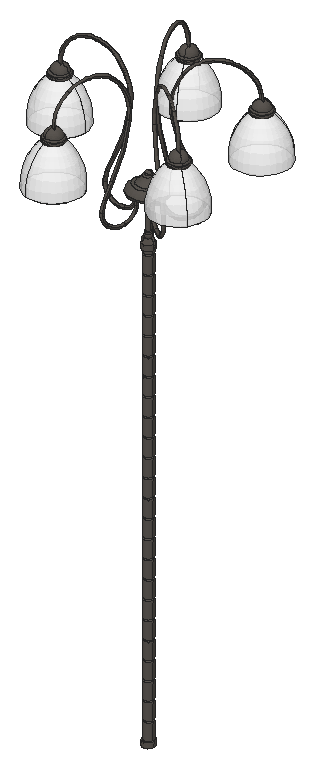
Revit family "P4666-20 5-100W MED CHANDELIER", category Lighting Fixtures, host Face, Revit 2012
Parameters (values of type "P4666-20 5-100W MED CHANDELIER")
  Wattage Comments = "100. W"  # constant formula
  URL = "https://progresslighting.com/"
  Product Page URL = "http://www.progresslighting.com/products.aspx?product=P4666-20"
  Product Documentation Link = "http://www.progresslighting.com/SpecSheets/P4666.pdf"
  Mounting = "Ceiling Chain Mount"  # constant formula
  Model = "P4666-20"  # constant formula
  Manufacturer Phone = "(864)-678-1000"  # constant formula
  Manufacturer Fax = "(864)-678-1065"  # constant formula
  Manufacturer = "Progresslighting"  # constant formula
  Lamp = "Five"  # constant formula
  Glass = Etched Shade Glass
  Description = " Five-light chandelier"  # constant formula
  Default Elevation = 48.00"
  Chain Length = 50.00"
  Ceiling Chain = Antique Bronze
  Back Plate = Antique Bronze
Reference planes (in)
  plane 1 "Center (Front/Back)": y = 0
  plane 2: z = 0
  plane 3 "Center (Left/Right)": x = 0
  plane 4: x = -12.625
  plane 5: x = 12.625
  plane 6: z = 50
  plane 7: z = 45.07258
Forms (in)
  Revolve 1, solid, material "Antique Bronze" <- "Back Plate"
    sketch origin (-0.01718, 0, 111.88263) x (-1, 0, 0) y (0, 0, -1)
      loop
        arc (0.30382, 61.35756) -> (0.3449, 61.65571) -> (0.1472, 61.88263) r 0.3635
        line (0.1472, 61.88263) -> (-0.01718, 61.88263) -> (-0.01718, 55.27745)
        arc (-0.01718, 55.27745) -> (0.17252, 55.31466) -> (0.27492, 55.47863) r 0.2428
        arc (0.27492, 55.47863) -> (0.29999, 55.54235) -> (0.28846, 55.60986) r 0.12741
        arc (0.28846, 55.60986) -> (0.39528, 55.63291) -> (0.46809, 55.7144) r 0.17662
        arc (0.46809, 55.7144) -> (0.74745, 56.13825) -> (1.15099, 56.44621) r 1.51712
        line (1.15099, 56.44621) -> (1.47114, 56.55069)
        arc (1.47114, 56.55069) -> (1.87709, 56.8239) -> (2.07863, 57.26978) r 0.89482
        arc (2.07863, 57.26978) -> (2.07201, 57.29263) -> (2.05039, 57.30254) r 0.02855
        line (2.05039, 57.30254) -> (0.23282, 57.30254) -> (0.23282, 57.71644)
        arc (0.23282, 57.71644) -> (0.28518, 57.74714) -> (0.23282, 57.77784) r 0.03518
        line (0.23282, 57.77784) -> (0.23282, 61.07089)
        arc (0.23282, 61.07089) -> (0.27254, 61.11476) -> (0.28758, 61.172) r 0.1248
        arc (0.28758, 61.172) -> (0.31285, 61.26328) -> (0.30382, 61.35756) r 0.26049
      axis (-0.01718, 61.88263) -> (-0.01718, 55.27745)
    angle from 0 to 360
  Sweep 2, solid, material "Antique Bronze" <- "Back Plate"
    path origin (-0.01718, 0, 111.88263) x (-1, 0, 0) y (0, 0, -1)
      loop
        circle (-0.01718, 62.31065) r 0.68282
    profile origin (0, 0, 48.88916) x (0, 0, 1) y (0, -1, 0)
      loop
        circle (0, 0) r 0.08
  Sweep 3, solid, material "Antique Bronze" <- "Back Plate"
    path origin (-0.01718, 0, 111.88263) x (-1, 0, 0) y (0, 0, -1)
      loop
        line (1.25, 57.11521) -> (1.25, 58.23562)
        arc (1.25, 58.23562) -> (1.59433, 59.23562) -> (2.48132, 59.81164) r 1.62427
        arc (2.48132, 59.81164) -> (3.45131, 59.80318) -> (4.29557, 59.32552) r 1.9371
        arc (4.29557, 59.32552) -> (4.70999, 58.675) -> (4.78392, 57.90724) r 1.65202
        arc (4.78392, 57.90724) -> (4.66211, 57.30853) -> (4.46825, 56.72913) r 5.004
        arc (4.46825, 56.72913) -> (4.11922, 55.92643) -> (3.72866, 55.14309) r 16.71891
        arc (3.72866, 55.14309) -> (2.59353, 52.44022) -> (1.96684, 49.57642) r 16.11462
        arc (1.96684, 49.57642) -> (2.11969, 47.51284) -> (3.05775, 45.66845) r 5.25219
        arc (3.05775, 45.66845) -> (5.52818, 44.28883) -> (8.25059, 45.06015) r 3.697
        arc (8.25059, 45.06015) -> (9.39067, 46.50891) -> (9.75, 48.3171) r 3.95416
    profile origin (-1.26718, 0, 54.20721) x (0, -1, 0) y (1, 0, 0)
      loop
        circle (0, 0) r 0.14
  Sweep 4, solid, material "Antique Bronze" <- "Back Plate"
    path origin (-0.00531, -0.01634, 111.88263) x (-0.309017, -0.951057, 0) y (0, 0, -1)
      loop
        line (1.25, 57.11521) -> (1.25, 58.23562)
        arc (1.25, 58.23562) -> (1.59433, 59.23562) -> (2.48132, 59.81164) r 1.62427
        arc (2.48132, 59.81164) -> (3.45131, 59.80318) -> (4.29557, 59.32552) r 1.9371
        arc (4.29557, 59.32552) -> (4.70999, 58.675) -> (4.78392, 57.90724) r 1.65202
        arc (4.78392, 57.90724) -> (4.66211, 57.30853) -> (4.46825, 56.72913) r 5.004
        arc (4.46825, 56.72913) -> (4.11922, 55.92643) -> (3.72866, 55.14309) r 16.71891
        arc (3.72866, 55.14309) -> (2.59353, 52.44022) -> (1.96684, 49.57642) r 16.11462
        arc (1.96684, 49.57642) -> (2.11969, 47.51284) -> (3.05775, 45.66845) r 5.25219
        arc (3.05775, 45.66845) -> (5.52818, 44.28883) -> (8.25059, 45.06015) r 3.697
        arc (8.25059, 45.06015) -> (9.39067, 46.50891) -> (9.75, 48.3171) r 3.95416
    profile origin (-0.39158, -1.20516, 54.20721) x (0.951057, -0.309017, 0) y (0.309017, 0.951057, 0)
      loop
        circle (0, 0) r 0.14
  Sweep 5, solid, material "Antique Bronze" <- "Back Plate"
    path origin (0.0139, -0.0101, 111.88263) x (0.809017, -0.587785, 0) y (0, 0, -1)
      loop
        line (1.25, 57.11521) -> (1.25, 58.23562)
        arc (1.25, 58.23562) -> (1.59433, 59.23562) -> (2.48132, 59.81164) r 1.62427
        arc (2.48132, 59.81164) -> (3.45131, 59.80318) -> (4.29557, 59.32552) r 1.9371
        arc (4.29557, 59.32552) -> (4.70999, 58.675) -> (4.78392, 57.90724) r 1.65202
        arc (4.78392, 57.90724) -> (4.66211, 57.30853) -> (4.46825, 56.72913) r 5.004
        arc (4.46825, 56.72913) -> (4.11922, 55.92643) -> (3.72866, 55.14309) r 16.71891
        arc (3.72866, 55.14309) -> (2.59353, 52.44022) -> (1.96684, 49.57642) r 16.11462
        arc (1.96684, 49.57642) -> (2.11969, 47.51284) -> (3.05775, 45.66845) r 5.25219
        arc (3.05775, 45.66845) -> (5.52818, 44.28883) -> (8.25059, 45.06015) r 3.697
        arc (8.25059, 45.06015) -> (9.39067, 46.50891) -> (9.75, 48.3171) r 3.95416
    profile origin (1.02517, -0.74483, 54.20721) x (0.587785, 0.809017, 0) y (-0.809017, 0.587785, 0)
      loop
        circle (0, 0) r 0.14
  Sweep 6, solid, material "Antique Bronze" <- "Back Plate"
    path origin (0.0139, 0.0101, 111.88263) x (0.809017, 0.587785, 0) y (0, 0, -1)
      loop
        line (1.25, 57.11521) -> (1.25, 58.23562)
        arc (1.25, 58.23562) -> (1.59433, 59.23562) -> (2.48132, 59.81164) r 1.62427
        arc (2.48132, 59.81164) -> (3.45131, 59.80318) -> (4.29557, 59.32552) r 1.9371
        arc (4.29557, 59.32552) -> (4.70999, 58.675) -> (4.78392, 57.90724) r 1.65202
        arc (4.78392, 57.90724) -> (4.66211, 57.30853) -> (4.46825, 56.72913) r 5.004
        arc (4.46825, 56.72913) -> (4.11922, 55.92643) -> (3.72866, 55.14309) r 16.71891
        arc (3.72866, 55.14309) -> (2.59353, 52.44022) -> (1.96684, 49.57642) r 16.11462
        arc (1.96684, 49.57642) -> (2.11969, 47.51284) -> (3.05775, 45.66845) r 5.25219
        arc (3.05775, 45.66845) -> (5.52818, 44.28883) -> (8.25059, 45.06015) r 3.697
        arc (8.25059, 45.06015) -> (9.39067, 46.50891) -> (9.75, 48.3171) r 3.95416
    profile origin (1.02517, 0.74483, 54.20721) x (-0.587785, 0.809017, 0) y (-0.809017, -0.587785, 0)
      loop
        circle (0, 0) r 0.14
  Sweep 7, solid, material "Antique Bronze" <- "Back Plate"
    path origin (-0.00531, 0.01634, 111.88263) x (-0.309017, 0.951057, 0) y (0, 0, -1)
      loop
        line (1.25, 57.11521) -> (1.25, 58.23562)
        arc (1.25, 58.23562) -> (1.59433, 59.23562) -> (2.48132, 59.81164) r 1.62427
        arc (2.48132, 59.81164) -> (3.45131, 59.80318) -> (4.29557, 59.32552) r 1.9371
        arc (4.29557, 59.32552) -> (4.70999, 58.675) -> (4.78392, 57.90724) r 1.65202
        arc (4.78392, 57.90724) -> (4.66211, 57.30853) -> (4.46825, 56.72913) r 5.004
        arc (4.46825, 56.72913) -> (4.11922, 55.92643) -> (3.72866, 55.14309) r 16.71891
        arc (3.72866, 55.14309) -> (2.59353, 52.44022) -> (1.96684, 49.57642) r 16.11462
        arc (1.96684, 49.57642) -> (2.11969, 47.51284) -> (3.05775, 45.66845) r 5.25219
        arc (3.05775, 45.66845) -> (5.52818, 44.28883) -> (8.25059, 45.06015) r 3.697
        arc (8.25059, 45.06015) -> (9.39067, 46.50891) -> (9.75, 48.3171) r 3.95416
    profile origin (-0.39158, 1.20516, 54.20721) x (-0.951057, -0.309017, 0) y (0.309017, -0.951057, 0)
      loop
        circle (0, 0) r 0.14
  Revolve 8, solid, material "Antique Bronze" <- "Back Plate", not visible
    sketch origin (-0.01718, 0, 106.95521) x (-1, 0, 0) y (0, 0, -1)
      loop
        arc (0.30382, 61.35756) -> (0.3449, 61.65571) -> (0.1472, 61.88263) r 0.3635
        line (0.1472, 61.88263) -> (-0.01718, 61.88263) -> (-0.01718, 55.27745)
        arc (-0.01718, 55.27745) -> (0.17252, 55.31466) -> (0.27492, 55.47863) r 0.2428
        arc (0.27492, 55.47863) -> (0.29999, 55.54235) -> (0.28846, 55.60986) r 0.12741
        arc (0.28846, 55.60986) -> (0.39528, 55.63291) -> (0.46809, 55.7144) r 0.17662
        arc (0.46809, 55.7144) -> (0.74745, 56.13825) -> (1.15099, 56.44621) r 1.51712
        line (1.15099, 56.44621) -> (1.47114, 56.55069)
        arc (1.47114, 56.55069) -> (1.87709, 56.8239) -> (2.07863, 57.26978) r 0.89482
        arc (2.07863, 57.26978) -> (2.07201, 57.29263) -> (2.05039, 57.30254) r 0.02855
        line (2.05039, 57.30254) -> (0.23282, 57.30254) -> (0.23282, 57.71644)
        arc (0.23282, 57.71644) -> (0.28518, 57.74714) -> (0.23282, 57.77784) r 0.03518
        line (0.23282, 57.77784) -> (0.23282, 61.07089)
        arc (0.23282, 61.07089) -> (0.27254, 61.11476) -> (0.28758, 61.172) r 0.1248
        arc (0.28758, 61.172) -> (0.31285, 61.26328) -> (0.30382, 61.35756) r 0.26049
      axis (-0.01718, 61.88263) -> (-0.01718, 55.27745)
    angle from 0 to 360
  Sweep 9, solid, material "Antique Bronze" <- "Back Plate", not visible
    path origin (-0.01718, 0, 106.95521) x (-1, 0, 0) y (0, 0, -1)
      loop
        circle (-0.01718, 62.31065) r 0.68282
    profile origin (0, 0, 43.96174) x (0, 0, 1) y (0, -1, 0)
      loop
        circle (0, 0) r 0.08
  Sweep 10, solid, material "Antique Bronze" <- "Back Plate", not visible
    path origin (-0.01718, 0, 106.95521) x (-1, 0, 0) y (0, 0, -1)
      loop
        line (1.25, 57.11521) -> (1.25, 58.23562)
        arc (1.25, 58.23562) -> (1.59433, 59.23562) -> (2.48132, 59.81164) r 1.62427
        arc (2.48132, 59.81164) -> (3.45131, 59.80318) -> (4.29557, 59.32552) r 1.9371
        arc (4.29557, 59.32552) -> (4.70999, 58.675) -> (4.78392, 57.90724) r 1.65202
        arc (4.78392, 57.90724) -> (4.66211, 57.30853) -> (4.46825, 56.72913) r 5.004
        arc (4.46825, 56.72913) -> (4.11922, 55.92643) -> (3.72866, 55.14309) r 16.71891
        arc (3.72866, 55.14309) -> (2.59353, 52.44022) -> (1.96684, 49.57642) r 16.11462
        arc (1.96684, 49.57642) -> (2.11969, 47.51284) -> (3.05775, 45.66845) r 5.25219
        arc (3.05775, 45.66845) -> (5.52818, 44.28883) -> (8.25059, 45.06015) r 3.697
        arc (8.25059, 45.06015) -> (9.39067, 46.50891) -> (9.75, 48.3171) r 3.95416
    profile origin (-1.26718, 0, 49.27979) x (0, -1, 0) y (1, 0, 0)
      loop
        circle (0, 0) r 0.14
  Sweep 11, solid, material "Antique Bronze" <- "Back Plate", not visible
    path origin (-0.00531, -0.01634, 106.95521) x (-0.309017, -0.951057, 0) y (0, 0, -1)
      loop
        line (1.25, 57.11521) -> (1.25, 58.23562)
        arc (1.25, 58.23562) -> (1.59433, 59.23562) -> (2.48132, 59.81164) r 1.62427
        arc (2.48132, 59.81164) -> (3.45131, 59.80318) -> (4.29557, 59.32552) r 1.9371
        arc (4.29557, 59.32552) -> (4.70999, 58.675) -> (4.78392, 57.90724) r 1.65202
        arc (4.78392, 57.90724) -> (4.66211, 57.30853) -> (4.46825, 56.72913) r 5.004
        arc (4.46825, 56.72913) -> (4.11922, 55.92643) -> (3.72866, 55.14309) r 16.71891
        arc (3.72866, 55.14309) -> (2.59353, 52.44022) -> (1.96684, 49.57642) r 16.11462
        arc (1.96684, 49.57642) -> (2.11969, 47.51284) -> (3.05775, 45.66845) r 5.25219
        arc (3.05775, 45.66845) -> (5.52818, 44.28883) -> (8.25059, 45.06015) r 3.697
        arc (8.25059, 45.06015) -> (9.39067, 46.50891) -> (9.75, 48.3171) r 3.95416
    profile origin (-0.39158, -1.20516, 49.27979) x (0.951057, -0.309017, 0) y (0.309017, 0.951057, 0)
      loop
        circle (0, 0) r 0.14
  Sweep 12, solid, material "Antique Bronze" <- "Back Plate", not visible
    path origin (0.0139, -0.0101, 106.95521) x (0.809017, -0.587785, 0) y (0, 0, -1)
      loop
        line (1.25, 57.11521) -> (1.25, 58.23562)
        arc (1.25, 58.23562) -> (1.59433, 59.23562) -> (2.48132, 59.81164) r 1.62427
        arc (2.48132, 59.81164) -> (3.45131, 59.80318) -> (4.29557, 59.32552) r 1.9371
        arc (4.29557, 59.32552) -> (4.70999, 58.675) -> (4.78392, 57.90724) r 1.65202
        arc (4.78392, 57.90724) -> (4.66211, 57.30853) -> (4.46825, 56.72913) r 5.004
        arc (4.46825, 56.72913) -> (4.11922, 55.92643) -> (3.72866, 55.14309) r 16.71891
        arc (3.72866, 55.14309) -> (2.59353, 52.44022) -> (1.96684, 49.57642) r 16.11462
        arc (1.96684, 49.57642) -> (2.11969, 47.51284) -> (3.05775, 45.66845) r 5.25219
        arc (3.05775, 45.66845) -> (5.52818, 44.28883) -> (8.25059, 45.06015) r 3.697
        arc (8.25059, 45.06015) -> (9.39067, 46.50891) -> (9.75, 48.3171) r 3.95416
    profile origin (1.02517, -0.74483, 49.27979) x (0.587785, 0.809017, 0) y (-0.809017, 0.587785, 0)
      loop
        circle (0, 0) r 0.14
  Sweep 13, solid, material "Antique Bronze" <- "Back Plate", not visible
    path origin (0.0139, 0.0101, 106.95521) x (0.809017, 0.587785, 0) y (0, 0, -1)
      loop
        line (1.25, 57.11521) -> (1.25, 58.23562)
        arc (1.25, 58.23562) -> (1.59433, 59.23562) -> (2.48132, 59.81164) r 1.62427
        arc (2.48132, 59.81164) -> (3.45131, 59.80318) -> (4.29557, 59.32552) r 1.9371
        arc (4.29557, 59.32552) -> (4.70999, 58.675) -> (4.78392, 57.90724) r 1.65202
        arc (4.78392, 57.90724) -> (4.66211, 57.30853) -> (4.46825, 56.72913) r 5.004
        arc (4.46825, 56.72913) -> (4.11922, 55.92643) -> (3.72866, 55.14309) r 16.71891
        arc (3.72866, 55.14309) -> (2.59353, 52.44022) -> (1.96684, 49.57642) r 16.11462
        arc (1.96684, 49.57642) -> (2.11969, 47.51284) -> (3.05775, 45.66845) r 5.25219
        arc (3.05775, 45.66845) -> (5.52818, 44.28883) -> (8.25059, 45.06015) r 3.697
        arc (8.25059, 45.06015) -> (9.39067, 46.50891) -> (9.75, 48.3171) r 3.95416
    profile origin (1.02517, 0.74483, 49.27979) x (-0.587785, 0.809017, 0) y (-0.809017, -0.587785, 0)
      loop
        circle (0, 0) r 0.14
  Sweep 14, solid, material "Antique Bronze" <- "Back Plate", not visible
    path origin (-0.00531, 0.01634, 106.95521) x (-0.309017, 0.951057, 0) y (0, 0, -1)
      loop
        line (1.25, 57.11521) -> (1.25, 58.23562)
        arc (1.25, 58.23562) -> (1.59433, 59.23562) -> (2.48132, 59.81164) r 1.62427
        arc (2.48132, 59.81164) -> (3.45131, 59.80318) -> (4.29557, 59.32552) r 1.9371
        arc (4.29557, 59.32552) -> (4.70999, 58.675) -> (4.78392, 57.90724) r 1.65202
        arc (4.78392, 57.90724) -> (4.66211, 57.30853) -> (4.46825, 56.72913) r 5.004
        arc (4.46825, 56.72913) -> (4.11922, 55.92643) -> (3.72866, 55.14309) r 16.71891
        arc (3.72866, 55.14309) -> (2.59353, 52.44022) -> (1.96684, 49.57642) r 16.11462
        arc (1.96684, 49.57642) -> (2.11969, 47.51284) -> (3.05775, 45.66845) r 5.25219
        arc (3.05775, 45.66845) -> (5.52818, 44.28883) -> (8.25059, 45.06015) r 3.697
        arc (8.25059, 45.06015) -> (9.39067, 46.50891) -> (9.75, 48.3171) r 3.95416
    profile origin (-0.39158, 1.20516, 49.27979) x (-0.951057, -0.309017, 0) y (0.309017, -0.951057, 0)
      loop
        circle (0, 0) r 0.14
Dimensions and locks (in)
  Revolve 1 sketch curve to Revolve 1 sketch curve to Revolve 1 sketch curve = 0.25" locked, 0.00" locked
  locked: nested 1 to plane 1 "Center (Front/Back)" at 0
  locked: nested 1 to Sweep 4 sketch curve at 6.84348
  Revolve 8 sketch curve to Revolve 8 sketch curve to Revolve 8 sketch curve = 0.25" locked, 0.00" locked
  locked: nested 6 to Sweep 11 sketch curve at 6.84348
  "Chain Length": plane 6 to host face
  aligned and locked: plane 2 to host face
  aligned and locked: level to host face
  aligned and locked: plane 6 to Revolve 1
  aligned and locked: nested 11 to host face
Automatic sketch dimensions
  host sketch curve to host sketch curve = 96.00"  (x2)
  Revolve 1 sketch curve to plane 6 = 0.00"
  Revolve 1 sketch curve to Revolve 1 sketch curve = 0.00"  (x3)
  Revolve 1 sketch curve to Revolve 1 sketch curve = 0.01374"
  Revolve 1 sketch curve to Revolve 1 sketch curve = 0.05198"
  Revolve 1 sketch curve to Revolve 1 sketch curve = 0.05679"
  Revolve 1 sketch curve to Revolve 1 sketch curve = 0.16438"
  Revolve 1 sketch curve to Revolve 1 sketch curve = 0.07002"
  Revolve 1 sketch curve to Revolve 1 sketch curve = 0.13846"
  Revolve 1 sketch curve to Revolve 1 sketch curve = 0.01718"
  Revolve 1 sketch curve to Revolve 1 sketch curve = 0.10165"
  Revolve 1 sketch curve to Revolve 1 sketch curve = 0.05476"
  Revolve 1 sketch curve to Revolve 1 sketch curve = 0.1152"
  Revolve 1 sketch curve to Revolve 1 sketch curve = 0.01623"
  Revolve 1 sketch curve to Revolve 1 sketch curve = 0.01798"
  Revolve 1 sketch curve to Revolve 1 sketch curve = 0.16165"
  Revolve 1 sketch curve to plane 6 = 5.43641"
  Revolve 1 sketch curve to Revolve 1 sketch curve = 0.6829"
  Revolve 1 sketch curve to Revolve 1 sketch curve = 0.04254"
  Revolve 1 sketch curve to Revolve 1 sketch curve = 0.32015"
  Revolve 1 sketch curve to Revolve 1 sketch curve = 0.3855"
  Revolve 1 sketch curve to Revolve 1 sketch curve = 0.85685"
  Revolve 1 sketch curve to Revolve 1 sketch curve = 0.02824"
  Revolve 1 sketch curve to Revolve 1 sketch curve = 0.66066"
  Revolve 1 sketch curve to Revolve 1 sketch curve = 0.05442"
  Revolve 1 sketch curve to Revolve 1 sketch curve = 0.04081"
  Revolve 1 sketch curve to Revolve 1 sketch curve = 0.10447"
  Revolve 1 sketch curve to Revolve 1 sketch curve = 0.7191"
  Revolve 1 sketch curve to Revolve 1 sketch curve = 0.4139"
  Revolve 1 sketch curve to Revolve 1 sketch curve = 0.0307"
  Revolve 1 sketch curve to Revolve 1 sketch curve = 1.504"
  Revolve 1 sketch curve to Revolve 1 sketch curve = 1.1878"
  Revolve 1 sketch curve to Revolve 1 sketch curve = 0.37606"
  Revolve 1 sketch curve to Revolve 1 sketch curve = 0.10111"
  Revolve 1 sketch curve to Revolve 1 sketch curve = 0.11179"
  plane 6 to Sweep 2 sketch curve = 0.42802"
  profile plane to Sweep 2 sketch curve = 0.00"
  Sweep 2 sketch curve to profile plane = 0.00"
  plane 6 to Sweep 3 sketch curve = 1.10951"
  Sweep 3 sketch curve to plane 6 = 3.27897"
  Sweep 3 sketch curve to Sweep 3 sketch curve = 10.86187"
  Sweep 3 sketch curve to Sweep 3 sketch curve = 1.42138"
  Sweep 3 sketch curve to Sweep 3 sketch curve = 0.71684"
  Sweep 3 sketch curve to Sweep 3 sketch curve = 0.00"  (x7)
  Sweep 3 sketch curve to Sweep 3 sketch curve = 1.23132"
  Sweep 3 sketch curve to Sweep 3 sketch curve = 0.39295"
  Sweep 3 sketch curve to Sweep 3 sketch curve = 0.07568"
  Sweep 3 sketch curve to Sweep 3 sketch curve = 1.09091"
  Sweep 3 sketch curve to Sweep 3 sketch curve = 0.19803"
  Sweep 3 sketch curve to Sweep 3 sketch curve = 0.77872"
  Sweep 3 sketch curve to Sweep 3 sketch curve = 1.14759"
  Sweep 3 sketch curve to Sweep 3 sketch curve = 0.73958"
  Sweep 3 sketch curve to Sweep 3 sketch curve = 0.31567"
  Sweep 3 sketch curve to Sweep 3 sketch curve = 2.74111"
  Sweep 3 sketch curve to Sweep 3 sketch curve = 0.15945"
  Sweep 3 sketch curve to Sweep 3 sketch curve = 1.22016"
  Sweep 3 sketch curve to Sweep 3 sketch curve = 2.29227"
  Sweep 3 sketch curve to Sweep 3 sketch curve = 2.57152"
  Sweep 3 sketch curve to Sweep 3 sketch curve = 8.20703"
  Sweep 3 sketch curve to Sweep 3 sketch curve = 1.12041"
  Sweep 3 sketch curve to profile plane = 0.00"
  profile plane to Sweep 3 sketch curve = 0.00"
  profile plane to Sweep 4 sketch curve = 0.00"  (x2)
  plane 6 to Sweep 5 sketch curve = 1.10951"
  Sweep 5 sketch curve to plane 6 = 3.27897"
  Sweep 5 sketch curve to Sweep 5 sketch curve = 10.86187"
  Sweep 5 sketch curve to Sweep 5 sketch curve = 1.42138"
  Sweep 5 sketch curve to Sweep 5 sketch curve = 0.71684"
  Sweep 5 sketch curve to Sweep 5 sketch curve = 0.00"  (x7)
  Sweep 5 sketch curve to Sweep 5 sketch curve = 1.23132"
  Sweep 5 sketch curve to Sweep 5 sketch curve = 0.39295"
  Sweep 5 sketch curve to Sweep 5 sketch curve = 0.07568"
  Sweep 5 sketch curve to Sweep 5 sketch curve = 1.09091"
  Sweep 5 sketch curve to Sweep 5 sketch curve = 0.19803"
  Sweep 5 sketch curve to Sweep 5 sketch curve = 0.77872"
  Sweep 5 sketch curve to Sweep 5 sketch curve = 1.14759"
  Sweep 5 sketch curve to Sweep 5 sketch curve = 0.73958"
  Sweep 5 sketch curve to Sweep 5 sketch curve = 0.31567"
  Sweep 5 sketch curve to Sweep 5 sketch curve = 2.74111"
  Sweep 5 sketch curve to Sweep 5 sketch curve = 0.15945"
  Sweep 5 sketch curve to Sweep 5 sketch curve = 1.22016"
  Sweep 5 sketch curve to Sweep 5 sketch curve = 2.29227"
  Sweep 5 sketch curve to Sweep 5 sketch curve = 2.57152"
  Sweep 5 sketch curve to Sweep 5 sketch curve = 8.20703"
  Sweep 5 sketch curve to Sweep 5 sketch curve = 1.12041"
  profile plane to Sweep 5 sketch curve = 0.00"
  Sweep 5 sketch curve to profile plane = 0.00"
  plane 6 to Sweep 6 sketch curve = 1.10951"
  Sweep 6 sketch curve to plane 6 = 3.27897"
  Sweep 6 sketch curve to Sweep 6 sketch curve = 10.86187"
  Sweep 6 sketch curve to Sweep 6 sketch curve = 1.42138"
  Sweep 6 sketch curve to Sweep 6 sketch curve = 0.71684"
  Sweep 6 sketch curve to Sweep 6 sketch curve = 0.00"  (x7)
  Sweep 6 sketch curve to Sweep 6 sketch curve = 1.23132"
  Sweep 6 sketch curve to Sweep 6 sketch curve = 0.39295"
  Sweep 6 sketch curve to Sweep 6 sketch curve = 0.07568"
  Sweep 6 sketch curve to Sweep 6 sketch curve = 1.09091"
  Sweep 6 sketch curve to Sweep 6 sketch curve = 0.19803"
  Sweep 6 sketch curve to Sweep 6 sketch curve = 0.77872"
  Sweep 6 sketch curve to Sweep 6 sketch curve = 1.14759"
  Sweep 6 sketch curve to Sweep 6 sketch curve = 0.73958"
  Sweep 6 sketch curve to Sweep 6 sketch curve = 0.31567"
  Sweep 6 sketch curve to Sweep 6 sketch curve = 2.74111"
  Sweep 6 sketch curve to Sweep 6 sketch curve = 0.15945"
  Sweep 6 sketch curve to Sweep 6 sketch curve = 1.22016"
  Sweep 6 sketch curve to Sweep 6 sketch curve = 2.29227"
  Sweep 6 sketch curve to Sweep 6 sketch curve = 2.57152"
  Sweep 6 sketch curve to Sweep 6 sketch curve = 8.20703"
  Sweep 6 sketch curve to Sweep 6 sketch curve = 1.12041"
  Sweep 6 sketch curve to profile plane = 0.00"  (x2)
  plane 6 to Sweep 7 sketch curve = 1.10951"
  Sweep 7 sketch curve to plane 6 = 3.27897"
  Sweep 7 sketch curve to Sweep 7 sketch curve = 10.86187"
  Sweep 7 sketch curve to Sweep 7 sketch curve = 1.42138"
  Sweep 7 sketch curve to Sweep 7 sketch curve = 0.71684"
  Sweep 7 sketch curve to Sweep 7 sketch curve = 0.00"  (x7)
  Sweep 7 sketch curve to Sweep 7 sketch curve = 1.23132"
  Sweep 7 sketch curve to Sweep 7 sketch curve = 0.39295"
  Sweep 7 sketch curve to Sweep 7 sketch curve = 0.07568"
  Sweep 7 sketch curve to Sweep 7 sketch curve = 1.09091"
  Sweep 7 sketch curve to Sweep 7 sketch curve = 0.19803"
  Sweep 7 sketch curve to Sweep 7 sketch curve = 0.77872"
  Sweep 7 sketch curve to Sweep 7 sketch curve = 1.14759"
  Sweep 7 sketch curve to Sweep 7 sketch curve = 0.73958"
  Sweep 7 sketch curve to Sweep 7 sketch curve = 0.31567"
  Sweep 7 sketch curve to Sweep 7 sketch curve = 2.74111"
  Sweep 7 sketch curve to Sweep 7 sketch curve = 0.15945"
  Sweep 7 sketch curve to Sweep 7 sketch curve = 1.22016"
  Sweep 7 sketch curve to Sweep 7 sketch curve = 2.29227"
  Sweep 7 sketch curve to Sweep 7 sketch curve = 2.57152"
  Sweep 7 sketch curve to Sweep 7 sketch curve = 8.20703"
  Sweep 7 sketch curve to Sweep 7 sketch curve = 1.12041"
  Sweep 7 sketch curve to profile plane = 0.00"
  profile plane to Sweep 7 sketch curve = 0.00"
  Revolve 8 sketch curve to plane 7 = 0.00"
  Revolve 8 sketch curve to Revolve 8 sketch curve = 0.00"  (x3)
  Revolve 8 sketch curve to Revolve 8 sketch curve = 0.01374"
  Revolve 8 sketch curve to Revolve 8 sketch curve = 0.05198"
  Revolve 8 sketch curve to Revolve 8 sketch curve = 0.05679"
  Revolve 8 sketch curve to Revolve 8 sketch curve = 0.16438"
  Revolve 8 sketch curve to Revolve 8 sketch curve = 0.07002"
  Revolve 8 sketch curve to Revolve 8 sketch curve = 0.13846"
  Revolve 8 sketch curve to Revolve 8 sketch curve = 0.01718"
  Revolve 8 sketch curve to Revolve 8 sketch curve = 0.10165"
  Revolve 8 sketch curve to Revolve 8 sketch curve = 0.05476"
  Revolve 8 sketch curve to Revolve 8 sketch curve = 0.1152"
  Revolve 8 sketch curve to Revolve 8 sketch curve = 0.01623"
  Revolve 8 sketch curve to Revolve 8 sketch curve = 0.01798"
  Revolve 8 sketch curve to Revolve 8 sketch curve = 0.16165"
  Revolve 8 sketch curve to plane 7 = 5.43641"
  Revolve 8 sketch curve to Revolve 8 sketch curve = 0.6829"
  Revolve 8 sketch curve to Revolve 8 sketch curve = 0.04254"
  Revolve 8 sketch curve to Revolve 8 sketch curve = 0.32015"
  Revolve 8 sketch curve to Revolve 8 sketch curve = 0.3855"
  Revolve 8 sketch curve to Revolve 8 sketch curve = 0.85685"
  Revolve 8 sketch curve to Revolve 8 sketch curve = 0.02824"
  Revolve 8 sketch curve to Revolve 8 sketch curve = 0.66066"
  Revolve 8 sketch curve to Revolve 8 sketch curve = 0.05442"
  Revolve 8 sketch curve to Revolve 8 sketch curve = 0.04081"
  Revolve 8 sketch curve to Revolve 8 sketch curve = 0.10447"
  Revolve 8 sketch curve to Revolve 8 sketch curve = 0.7191"
  Revolve 8 sketch curve to Revolve 8 sketch curve = 0.4139"
  Revolve 8 sketch curve to Revolve 8 sketch curve = 0.0307"
  Revolve 8 sketch curve to Revolve 8 sketch curve = 1.504"
  Revolve 8 sketch curve to Revolve 8 sketch curve = 1.1878"
  Revolve 8 sketch curve to Revolve 8 sketch curve = 0.37606"
  Revolve 8 sketch curve to Revolve 8 sketch curve = 0.10111"
  Revolve 8 sketch curve to Revolve 8 sketch curve = 0.11179"
  plane 7 to Sweep 9 sketch curve = 0.42802"
  profile plane to Sweep 9 sketch curve = 0.00"
  Sweep 9 sketch curve to profile plane = 0.00"
  plane 7 to Sweep 10 sketch curve = 1.10951"
  Sweep 10 sketch curve to plane 7 = 3.27897"
  Sweep 10 sketch curve to Sweep 10 sketch curve = 10.86187"
  Sweep 10 sketch curve to Sweep 10 sketch curve = 1.42138"
  Sweep 10 sketch curve to Sweep 10 sketch curve = 0.71684"
  Sweep 10 sketch curve to Sweep 10 sketch curve = 0.00"  (x7)
  Sweep 10 sketch curve to Sweep 10 sketch curve = 1.23132"
  Sweep 10 sketch curve to Sweep 10 sketch curve = 0.39295"
  Sweep 10 sketch curve to Sweep 10 sketch curve = 0.07568"
  Sweep 10 sketch curve to Sweep 10 sketch curve = 1.09091"
  Sweep 10 sketch curve to Sweep 10 sketch curve = 0.19803"
  Sweep 10 sketch curve to Sweep 10 sketch curve = 0.77872"
  Sweep 10 sketch curve to Sweep 10 sketch curve = 1.14759"
  Sweep 10 sketch curve to Sweep 10 sketch curve = 0.73958"
  Sweep 10 sketch curve to Sweep 10 sketch curve = 0.31567"
  Sweep 10 sketch curve to Sweep 10 sketch curve = 2.74111"
  Sweep 10 sketch curve to Sweep 10 sketch curve = 0.15945"
  Sweep 10 sketch curve to Sweep 10 sketch curve = 1.22016"
  Sweep 10 sketch curve to Sweep 10 sketch curve = 2.29227"
  Sweep 10 sketch curve to Sweep 10 sketch curve = 2.57152"
  Sweep 10 sketch curve to Sweep 10 sketch curve = 8.20703"
  Sweep 10 sketch curve to Sweep 10 sketch curve = 1.12041"
  Sweep 10 sketch curve to profile plane = 0.00"
  profile plane to Sweep 10 sketch curve = 0.00"
  profile plane to Sweep 11 sketch curve = 0.00"  (x2)
  plane 7 to Sweep 12 sketch curve = 1.10951"
  Sweep 12 sketch curve to plane 7 = 3.27897"
  Sweep 12 sketch curve to Sweep 12 sketch curve = 10.86187"
  Sweep 12 sketch curve to Sweep 12 sketch curve = 1.42138"
  Sweep 12 sketch curve to Sweep 12 sketch curve = 0.71684"
  Sweep 12 sketch curve to Sweep 12 sketch curve = 0.00"  (x7)
  Sweep 12 sketch curve to Sweep 12 sketch curve = 1.23132"
  Sweep 12 sketch curve to Sweep 12 sketch curve = 0.39295"
  Sweep 12 sketch curve to Sweep 12 sketch curve = 0.07568"
  Sweep 12 sketch curve to Sweep 12 sketch curve = 1.09091"
  Sweep 12 sketch curve to Sweep 12 sketch curve = 0.19803"
  Sweep 12 sketch curve to Sweep 12 sketch curve = 0.77872"
  Sweep 12 sketch curve to Sweep 12 sketch curve = 1.14759"
  Sweep 12 sketch curve to Sweep 12 sketch curve = 0.73958"
  Sweep 12 sketch curve to Sweep 12 sketch curve = 0.31567"
  Sweep 12 sketch curve to Sweep 12 sketch curve = 2.74111"
  Sweep 12 sketch curve to Sweep 12 sketch curve = 0.15945"
  Sweep 12 sketch curve to Sweep 12 sketch curve = 1.22016"
  Sweep 12 sketch curve to Sweep 12 sketch curve = 2.29227"
  Sweep 12 sketch curve to Sweep 12 sketch curve = 2.57152"
  Sweep 12 sketch curve to Sweep 12 sketch curve = 8.20703"
  Sweep 12 sketch curve to Sweep 12 sketch curve = 1.12041"
  profile plane to Sweep 12 sketch curve = 0.00"
  Sweep 12 sketch curve to profile plane = 0.00"
  plane 7 to Sweep 13 sketch curve = 1.10951"
  Sweep 13 sketch curve to plane 7 = 3.27897"
  Sweep 13 sketch curve to Sweep 13 sketch curve = 10.86187"
  Sweep 13 sketch curve to Sweep 13 sketch curve = 1.42138"
  Sweep 13 sketch curve to Sweep 13 sketch curve = 0.71684"
  Sweep 13 sketch curve to Sweep 13 sketch curve = 0.00"  (x7)
  Sweep 13 sketch curve to Sweep 13 sketch curve = 1.23132"
  Sweep 13 sketch curve to Sweep 13 sketch curve = 0.39295"
  Sweep 13 sketch curve to Sweep 13 sketch curve = 0.07568"
  Sweep 13 sketch curve to Sweep 13 sketch curve = 1.09091"
  Sweep 13 sketch curve to Sweep 13 sketch curve = 0.19803"
  Sweep 13 sketch curve to Sweep 13 sketch curve = 0.77872"
  Sweep 13 sketch curve to Sweep 13 sketch curve = 1.14759"
  Sweep 13 sketch curve to Sweep 13 sketch curve = 0.73958"
  Sweep 13 sketch curve to Sweep 13 sketch curve = 0.31567"
  Sweep 13 sketch curve to Sweep 13 sketch curve = 2.74111"
  Sweep 13 sketch curve to Sweep 13 sketch curve = 0.15945"
  Sweep 13 sketch curve to Sweep 13 sketch curve = 1.22016"
  Sweep 13 sketch curve to Sweep 13 sketch curve = 2.29227"
  Sweep 13 sketch curve to Sweep 13 sketch curve = 2.57152"
  Sweep 13 sketch curve to Sweep 13 sketch curve = 8.20703"
  Sweep 13 sketch curve to Sweep 13 sketch curve = 1.12041"
  Sweep 13 sketch curve to profile plane = 0.00"  (x2)
  plane 7 to Sweep 14 sketch curve = 1.10951"
  Sweep 14 sketch curve to plane 7 = 3.27897"
  Sweep 14 sketch curve to Sweep 14 sketch curve = 10.86187"
  Sweep 14 sketch curve to Sweep 14 sketch curve = 1.42138"
  Sweep 14 sketch curve to Sweep 14 sketch curve = 0.71684"
  Sweep 14 sketch curve to Sweep 14 sketch curve = 0.00"  (x7)
  Sweep 14 sketch curve to Sweep 14 sketch curve = 1.23132"
  Sweep 14 sketch curve to Sweep 14 sketch curve = 0.39295"
  Sweep 14 sketch curve to Sweep 14 sketch curve = 0.07568"
  Sweep 14 sketch curve to Sweep 14 sketch curve = 1.09091"
  Sweep 14 sketch curve to Sweep 14 sketch curve = 0.19803"
  Sweep 14 sketch curve to Sweep 14 sketch curve = 0.77872"
  Sweep 14 sketch curve to Sweep 14 sketch curve = 1.14759"
  Sweep 14 sketch curve to Sweep 14 sketch curve = 0.73958"
  Sweep 14 sketch curve to Sweep 14 sketch curve = 0.31567"
  Sweep 14 sketch curve to Sweep 14 sketch curve = 2.74111"
  Sweep 14 sketch curve to Sweep 14 sketch curve = 0.15945"
  Sweep 14 sketch curve to Sweep 14 sketch curve = 1.22016"
  Sweep 14 sketch curve to Sweep 14 sketch curve = 2.29227"
  Sweep 14 sketch curve to Sweep 14 sketch curve = 2.57152"
  Sweep 14 sketch curve to Sweep 14 sketch curve = 8.20703"
  Sweep 14 sketch curve to Sweep 14 sketch curve = 1.12041"
  Sweep 14 sketch curve to profile plane = 0.00"
  profile plane to Sweep 14 sketch curve = 0.00"
  radius of Sweep 2 sketch curve = 0.68282"
  radius of Sweep 2 sketch curve = 0.08"
  radius of Sweep 3 sketch curve = 0.14"
  radius of Sweep 4 sketch curve = 0.14"
  radius of Sweep 5 sketch curve = 0.14"
  radius of Sweep 6 sketch curve = 0.14"
  radius of Sweep 7 sketch curve = 0.14"
  radius of Sweep 9 sketch curve = 0.68282"
  radius of Sweep 9 sketch curve = 0.08"
  radius of Sweep 10 sketch curve = 0.14"
  radius of Sweep 11 sketch curve = 0.14"
  radius of Sweep 12 sketch curve = 0.14"
  radius of Sweep 13 sketch curve = 0.14"
  radius of Sweep 14 sketch curve = 0.14"
Nested families (in)
  nested 1: "P4666-Light" at (-9.75, 0, 59.14911), type "P4666-Light"
  nested 2: "P4666-Light" at (-3.01292, -9.2728, 59.14911) x (0.309, 0.9511, 0) z (0, 0, 1), type "P4666-Light"
  nested 3: "P4666-Light" at (7.88792, -5.73091, 59.14911) x (-0.809, 0.5878, 0) z (0, 0, 1), type "P4666-Light"
  nested 4: "P4666-Light" at (7.88792, 5.73091, 59.14911) x (-0.809, -0.5878, 0) z (0, 0, 1), type "P4666-Light"
  nested 5: "P4666-Light" at (-3.01292, 9.2728, 59.14911) x (0.309, -0.9511, 0) z (0, 0, 1), type "P4666-Light"
  nested 6: "P4666-Light" at (-9.75, 0, 54.22169), type "P4666-Light", not visible
  nested 7: "P4666-Light" at (-3.01292, -9.2728, 54.22169) x (0.309, 0.9511, 0) z (0, 0, 1), type "P4666-Light", not visible
  nested 8: "P4666-Light" at (7.88792, -5.73091, 54.22169) x (-0.809, 0.5878, 0) z (0, 0, 1), type "P4666-Light", not visible
  nested 9: "P4666-Light" at (7.88792, 5.73091, 54.22169) x (-0.809, -0.5878, 0) z (0, 0, 1), type "P4666-Light", not visible
  nested 10: "P4666-Light" at (-3.01292, 9.2728, 54.22169) x (0.309, -0.9511, 0) z (0, 0, 1), type "P4666-Light", not visible
  nested 11: "Pentent chain" at (0, 0, 0.5), Material <- "Ceiling Chain", type "Pentent chain"
    with Pendant Length 48.50", Material Antique Bronze, Distance from Ceiling 50.00"
Connectors (in)
  electrical at (0, 0, 0), driven by "Description"
    settings: index 1, voltage 0 V, apparent load 0 VA, apparent load phase1 0 VA, apparent load phase2 0 VA, apparent load phase3 0 VA, power factor 1, load classification "Other", number of poles 1, system type 30, power factor state 1, is connector primary yes, connector utility no, sub classification motor no, connector description " Five-light chandelier"
Definition of nested family "P4666-Light"
  Parameters (values of type "P4666-Light")
    Wattage = 9.2903 W
    built-in parameter 1150110 = 1 (stored number, unit not read)
    built-in parameter 1114217 = 1 (stored number, unit not read)
    built-in parameter 1150109 = 1 (stored number, unit not read)
    built-in parameter 1150134 = 3
    built-in parameter 1150113 = 1 (stored number, unit not read)
    built-in parameter 1150105 = 109.82 (stored number, unit not read)
    Lumens = 1380 lm
    built-in parameter 1150115 = 1 (stored number, unit not read)
    Light Source Symbol Size = 4.00"
    built-in parameter 1150137 = (empty or 0)
    built-in parameter 1150139 = (empty or 0)
    built-in parameter 1150112 = 1 (stored number, unit not read)
    built-in parameter 1150114 = 1 (stored number, unit not read)
    built-in parameter 1150132 = (empty or 0)
    built-in parameter 1150102 = (empty or 0)
    built-in parameter 1150107 = 3200 (stored number, unit not read)
    built-in parameter 1150138 = (empty or 0)
    built-in parameter 1150106 = 1.0982 (stored number, unit not read)
    Glass = Etched Shade Glass
    built-in parameter 1150104 = 13.8 (stored number, unit not read)
    Dimming Lamp Color Temperature Shift = (empty or 0)
    Color Filter = 16777215
    built-in parameter 1114218 = 1 (stored number, unit not read)
    Back Plate = Antique Bronze
    built-in parameter 1150133 = 10 (stored number, unit not read)
  Reference planes (in)
    plane 1 "Center (Front/Back)": y = 0
    plane 2: z = -6.058
    plane 3 "Center (Left/Right)": x = 0
    plane 4: x = -2.875
    plane 5: z = -1.308
    plane 6: x = 2.875
  Forms (in)
    Revolve 1, solid, material "Etched Shade Glass" <- "Glass"
      sketch origin (0, 0, 3.442) x (-1, 0, 0) y (0, 0, -1)
        loop
          line (0, 0) -> (1, 0)
          arc (1, 0) -> (2.49787, 2.1538) -> (2.875, 4.75) r 5.71213
          line (2.875, 4.75) -> (2.77461, 4.75)
          arc (2.77461, 4.75) -> (2.41342, 2.21236) -> (0.96151, 0.1) r 5.61213
          line (0.96151, 0.1) -> (0, 0.1) -> (0, 0)
        axis (0, 0) -> (0, 4.75)
      angle from 0 to 360
    Revolve 2, solid, material "Antique Bronze" <- "Back Plate"
      sketch origin (0, 0, 3.442) x (-1, 0, 0) y (0, 0, -1)
        loop
          line (1.01286, 0.1) -> (0, 0.1) -> (0, -1.30662)
          arc (0, -1.30662) -> (0.07257, -1.308) -> (0.13675, -1.27412) r 0.14532
          arc (0.13675, -1.27412) -> (0.65515, -0.99553) -> (0.86205, -0.44458) r 0.83704
          arc (0.86205, -0.44458) -> (0.98701, -0.41888) -> (1.03813, -0.30199) r 0.13871
          arc (1.03813, -0.30199) -> (1.09066, -0.28023) -> (1.11241, -0.2277) r 0.07429
          line (1.11241, -0.2277) -> (1.11241, 0.00045)
          arc (1.11241, 0.00045) -> (1.08326, 0.07084) -> (1.01286, 0.1) r 0.09955
        axis (0, 0.1) -> (0, -1.30662)
      angle from 0 to 360
  Dimensions and locks (in)
    locked: plane 4 to plane 3 "Center (Left/Right)" at 2.875
    locked: plane 5 to plane 2 at 4.75
    locked: plane 6 to plane 3 "Center (Left/Right)" at 2.875
    aligned and locked: Revolve 1 sketch curve to plane 3 "Center (Left/Right)"
    aligned and locked: Revolve 1 to Revolve 1
    aligned and locked: plane 5 to Revolve 1
    aligned and locked: Revolve 2 sketch curve to Revolve 1
    aligned and locked: Revolve 2 sketch curve to Revolve 2 sketch curve
Definition of nested family "Pentent chain"
  Parameters (values of type "Pentent chain")
    Pendant Length [instance] = Distance from Ceiling - 1.50"  # 16.50"
    Material [instance] = Default Light Source
    Distance from Ceiling = 18.00"
  Reference planes (in)
    plane 1 "Center (Front/Back)": y = 0
    plane 2: z = 0
    plane 3 "Center (Left/Right)": x = 0
    plane 4: z = 16.5
    plane 5: z = 100
    plane 6: z = 17
    plane 7: z = -0.5
  Forms (in)
    Revolve 1, solid, material "Default Light Source" <- "Material"
      sketch origin (0, 0, 0) x (1, 0, 0) y (0, 0, 1)
        loop
          line (0, 0) -> (0.5, 0) -> (0.5, 16.5) -> (0, 16.5) -> (0, 0)
        axis (0, 16.5) -> (0, 0)
      angle from 0 to 360
    Revolve 2, void
      sketch origin (0, 0, 0) x (1, 0, 0) y (0, 0, 1)
        loop
          arc (0, 2) -> (1, 1) -> (0, 0) r 1
          line (0, 0) -> (2, 0) -> (2, 100) -> (0, 100)
          arc (0, 100) -> (1, 99) -> (0, 98) r 1
          arc (0, 98) -> (1, 97) -> (0, 96) r 1
          arc (0, 96) -> (1, 95) -> (0, 94) r 1
          arc (0, 94) -> (1, 93) -> (0, 92) r 1
          arc (0, 92) -> (1, 91) -> (0, 90) r 1
          arc (0, 90) -> (1, 89) -> (0, 88) r 1
          arc (0, 88) -> (1, 87) -> (0, 86) r 1
          arc (0, 86) -> (1, 85) -> (0, 84) r 1
          arc (0, 84) -> (1, 83) -> (0, 82) r 1
          arc (0, 82) -> (1, 81) -> (0, 80) r 1
          arc (0, 80) -> (1, 79) -> (0, 78) r 1
          arc (0, 78) -> (1, 77) -> (0, 76) r 1
          arc (0, 76) -> (1, 75) -> (0, 74) r 1
          arc (0, 74) -> (1, 73) -> (0, 72) r 1
          arc (0, 72) -> (1, 71) -> (0, 70) r 1
          arc (0, 70) -> (1, 69) -> (0, 68) r 1
          arc (0, 68) -> (1, 67) -> (0, 66) r 1
          arc (0, 66) -> (1, 65) -> (0, 64) r 1
          arc (0, 64) -> (1, 63) -> (0, 62) r 1
          arc (0, 62) -> (1, 61) -> (0, 60) r 1
          arc (0, 60) -> (1, 59) -> (0, 58) r 1
          arc (0, 58) -> (1, 57) -> (0, 56) r 1
          arc (0, 56) -> (1, 55) -> (0, 54) r 1
          arc (0, 54) -> (1, 53) -> (0, 52) r 1
          arc (0, 52) -> (1, 51) -> (0, 50) r 1
          arc (0, 50) -> (1, 49) -> (0, 48) r 1
          arc (0, 48) -> (1, 47) -> (0, 46) r 1
          arc (0, 46) -> (1, 45) -> (0, 44) r 1
          arc (0, 44) -> (1, 43) -> (0, 42) r 1
          arc (0, 42) -> (1, 41) -> (0, 40) r 1
          arc (0, 40) -> (1, 39) -> (0, 38) r 1
          arc (0, 38) -> (1, 37) -> (0, 36) r 1
          arc (0, 36) -> (1, 35) -> (0, 34) r 1
          arc (0, 34) -> (1, 33) -> (0, 32) r 1
          arc (0, 32) -> (1, 31) -> (0, 30) r 1
          arc (0, 30) -> (1, 29) -> (0, 28) r 1
          arc (0, 28) -> (1, 27) -> (0, 26) r 1
          arc (0, 26) -> (1, 25) -> (0, 24) r 1
          arc (0, 24) -> (1, 23) -> (0, 22) r 1
          arc (0, 22) -> (1, 21) -> (0, 20) r 1
          arc (0, 20) -> (1, 19) -> (0, 18) r 1
          arc (0, 18) -> (1, 17) -> (0, 16) r 1
          arc (0, 16) -> (1, 15) -> (0, 14) r 1
          arc (0, 14) -> (1, 13) -> (0, 12) r 1
          arc (0, 12) -> (1, 11) -> (0, 10) r 1
          arc (0, 10) -> (1, 9) -> (0, 8) r 1
          arc (0, 8) -> (1, 7) -> (0, 6) r 1
          arc (0, 6) -> (1, 5) -> (0, 4) r 1
          arc (0, 4) -> (1, 3) -> (0, 2) r 1
        axis (0, 100) -> (0, 0)
      angle from 0 to 360
    Extrusion 3, solid, material "Default Light Source" <- "Material"
      sketch origin (16.13413, -180, 16.5) x (0, -1, 0) y (-1, 0, 0)
        loop
          circle (-180, 16.13413) r 0.63518
      from 0 to -0.5
    Extrusion 4, solid, material "Default Light Source" <- "Material"
      sketch origin (0, 0, 0) x (1, 0, 0) y (0, 1, 0)
        loop
          circle (0, 0) r 0.63518
      from 0 to -0.5
  Cuts and joins
    Revolve 2 cuts Revolve 1
  Dimensions and locks (in)
    "Pendant Length": plane 4 to level
    Revolve 1 sketch curve to Revolve 1 sketch curve = 0.50"
    plane 5 to level = 100.00"
    locked: plane 6 to plane 4 at 0.5
    locked: plane 7 to plane 2 at 0.5
    aligned and locked: plane 2 to level
    aligned and locked: Revolve 1 sketch curve to level
    aligned and locked: Revolve 1 sketch curve to plane 3 "Center (Left/Right)"  (x2)
    aligned and locked: Revolve 1 sketch curve to plane 4
    aligned and locked: Revolve 2 sketch curve to plane 3 "Center (Left/Right)"
    aligned and locked: Extrusion 3 to plane 6
    aligned and locked: Extrusion 4 sketch curve to Extrusion 3  (x2)
    aligned and locked: plane 7 to Extrusion 4
  Automatic sketch dimensions
    Revolve 1 sketch curve to level = 24.00"
    Revolve 1 sketch curve to Revolve 1 sketch curve = 82.71882"
    Revolve 2 sketch curve to plane 5 = 28.00"  (x2)
    Revolve 2 sketch curve to plane 3 "Center (Left/Right)" = 0.00"
    Revolve 2 sketch curve to Revolve 2 sketch curve = 0.00"  (x92)
    Revolve 2 sketch curve to Revolve 2 sketch curve = 2.00"
    Revolve 2 sketch curve to plane 5 = 29.00"
    Revolve 2 sketch curve to Revolve 2 sketch curve = 1.00"  (x49)
    Revolve 2 sketch curve to level = 24.00"
    Revolve 2 sketch curve to Revolve 2 sketch curve = 2.71882"
